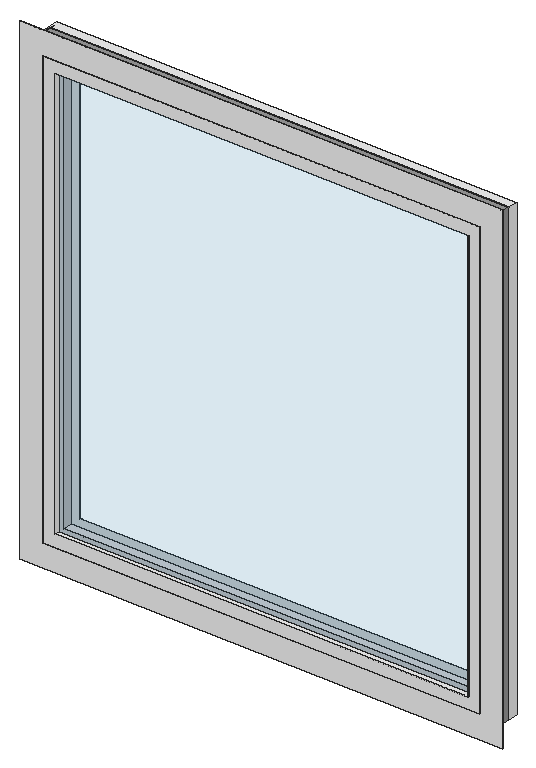
Revit family "Edge_TB42_D_Top_Hung_Custom", category Windows, host Wall, Revit 2014
Parameters (values of type "Casement_Sash_DG")
  Width Sash [instance] = 30 mm
  Width Sash Inner = 15 mm
  Width Bead = 15 mm
  Top Hung [instance] = yes
  Thermal Break Material = Rubber, Black
  Thermal Break Length = 16 mm
  Side Hung Right [instance] = yes
  Side Hung Left [instance] = yes
  Sash Opening Width [instance] = 600 mm
  Sash Opening Height [instance] = 600 mm
  Sash Lip = 15 mm
  Sash Leg [instance] = (Depth Sash - Thermal Break Length) / 2  # 13 mm
  SG Bead Leg = 6.683 mm
  Glazing Material [instance] = Glass
  Glazing Offset = 5 mm
  DG Start Piece 2 [instance] = DG End Piece 1 + DG Gasket Thickness  # 24.158 mm
  DG Start Peice 1 [instance] = ((Depth Sash - (2 * DG Glazing Thickness) - DG Gasket Thickness) / 2) - (SG Bead Leg - Aluminium Thickness) / 2  # 5.758 mm
  DG Glazing Thickness [instance] = 6.4 mm
  DG Gasket Thickness = 12 mm  # constant formula
  DG Gasket Material [instance] = none
  Depth Sash [instance] = 42 mm
  DG End Piece 2 [instance] = DG Start Piece 2 + DG Glazing Thickness  # 30.558 mm
  DG End Piece 1 [instance] = DG Start Peice 1 + DG Glazing Thickness  # 12.158 mm
  Center Vertical Sash [instance] = Sash Opening Height / 2  # 300 mm
  Center Horizontal Sash [instance] = Sash Opening Width / 2  # 300 mm
  Bottom Hung [instance] = yes
  Bead Offset = 15 mm
  Aluminium Thickness = 1 mm
  Aluminium Material [instance] = White Powder Coated Aluminium
Reference planes
  plane 1 "Center (Front/Back)": y = 0
  plane 2: z = 0
  plane 3 "Center (Left/Right)": x = 0
Forms (mm)
  Sweep 1, solid, material "White Powder Coated Aluminium" <- "Aluminium Material"
    path origin (16.177, 0, 121.331) x (1, 0, 0) y (0, 0, 1)
      loop
        line (0, 0) -> (600, 0) -> (600, 600) -> (0, 600) -> (0, 0)
    profile origin (316.177, 0, 121.331) x (0, 0, 1) y (0, -1, 0)
      loop
        line (0, 0) -> (30, 0) -> (30, 1) -> (15, 1) -> (15, 13) -> (14, 13) -> (14, 1) -> (1, 1) -> (1, 13) -> (0, 13) -> (0, 0)
      loop
        line (15, 42) -> (-15, 42) -> (-15, 41) -> (0, 41) -> (0, 29) -> (1, 29) -> (1, 41) -> (14, 41) -> (14, 29) -> (15, 29) -> (15, 42)
  Sweep 2, solid, material "White Powder Coated Aluminium" <- "Aluminium Material"
    path origin (0, 0, 0) x (1, 0, 0) y (0, 0, 1)
      loop
        line (31.177, 706.331) -> (31.177, 136.331) -> (601.177, 136.331) -> (601.177, 706.331) -> (31.177, 706.331)
    profile origin (316.177, 0, 706.331) x (0, 0, 1) y (0, -1, 0)
      loop
        line (0, 41) -> (0, 42) -> (-15, 42) -> (-15, 35.317) -> (-14, 35.317) -> (-14, 41) -> (0, 41)
  Extrusion 3, solid, material "Glass" <- "Glazing Material"
    sketch origin (0, 0, 0) x (1, 0, 0) y (0, 0, 1)
      loop
        line (36.177, 701.331) -> (36.177, 141.331) -> (596.177, 141.331) -> (596.177, 701.331) -> (36.177, 701.331)
    from 5.758 <- "DG Start Peice 1" to 12.158 <- "DG End Piece 1"
  Extrusion 4, solid, material "Glass" <- "Glazing Material"
    sketch origin (0, 0, 0) x (1, 0, 0) y (0, 0, 1)
      loop
        line (36.177, 701.331) -> (36.177, 141.331) -> (596.177, 141.331) -> (596.177, 701.331) -> (36.177, 701.331)
    from 30.558 <- "DG End Piece 2" to 24.158 <- "DG Start Piece 2"
  Sweep 5, solid, material <- "DG Gasket Material"
    path origin (0, -12.158, 0) x (1, 0, 0) y (0, 0, 1)
      loop
        line (36.177, 701.331) -> (36.177, 141.331) -> (596.177, 141.331) -> (596.177, 701.331) -> (36.177, 701.331)
    profile origin (316.177, -12.158, 701.331) x (0, 0, 1) y (0, -1, 0)
      loop
        line (0, 0) -> (0, 12) -> (-7.96, 12) -> (-7.96, 0) -> (0, 0)
  Sweep 6, solid, material "Rubber, Black" <- "Thermal Break Material"
    path origin (16.177, -13, 121.331) x (1, 0, 0) y (0, 0, 1)
      loop
        line (-15, 615) -> (-15, -15) -> (615, -15) -> (615, 615) -> (-15, 615)
    profile origin (316.177, -13, 736.331) x (0, 0, 1) y (0, -1, 0)
      loop
        line (-15, 16) -> (-16, 16) -> (-16, 0) -> (-15, 0) -> (-15, 16)
      loop
        line (-29, 16) -> (-30, 16) -> (-30, 0) -> (-29, 0) -> (-29, 16)
Lines and regions (mm)
  model lines
    curve 1: line (1.177, -42, 736.331) -> (31.177, -42, 706.331)
    curve 2: line (601.177, -42, 706.331) -> (631.177, -42, 736.331)
    curve 3: line (601.177, -42, 136.331) -> (631.177, -42, 106.331)
    curve 4: line (1.177, -42, 106.331) -> (31.177, -42, 136.331)
    curve 5: line (631.177, -41, 736.331) -> (616.177, -41, 721.331)
    curve 6: line (1.177, -41, 736.331) -> (16.177, -41, 721.331)
    curve 7: line (1.177, -41, 106.331) -> (16.177, -41, 121.331)
    curve 8: line (631.177, -41, 106.331) -> (616.177, -41, 121.331)
    curve 9: line (616.177, 0, 121.331) -> (586.177, 0, 151.331)
    curve 10: line (46.177, 0, 151.331) -> (16.177, 0, 121.331)
    curve 11: line (616.177, 0, 721.331) -> (586.177, 0, 691.331)
    curve 12: line (46.177, 0, 691.331) -> (16.177, 0, 721.331)
    curve 13: line (31.177, -42, 691.331) -> (46.177, -42, 691.331)
    curve 14: line (586.177, -42, 691.331) -> (601.177, -42, 691.331)
    curve 15: line (586.177, -42, 151.331) -> (601.177, -42, 151.331)
    curve 16: line (31.177, -42, 151.331) -> (46.177, -42, 151.331)
  model lines, style "GenericModelHiddenLines", visible <- "Top Hung"
    curve 17: line (46.386, -30.558, 690.602) -> (316.177, -30.558, 151.331)
    curve 18: line (316.177, -30.558, 151.331) -> (586.177, -30.558, 691.018)
  model lines, style "GenericModelHiddenLines", visible <- "Bottom Hung"
    curve 19: line (46.177, -30.558, 151.331) -> (316.177, -30.558, 691.018)
    curve 20: line (316.177, -30.558, 691.018) -> (586.177, -30.558, 151.331)
  model lines, style "GenericModelHiddenLines", visible <- "Side Hung Left"
    curve 21: line (46.386, -30.558, 690.602) -> (585.24, -30.558, 421.331)
    curve 22: line (585.24, -30.558, 421.331) -> (46.177, -30.558, 151.331)
  model lines, style "GenericModelHiddenLines", visible <- "Side Hung Right"
    curve 23: line (586.177, -30.558, 691.018) -> (46.177, -30.558, 421.331)
    curve 24: line (46.177, -30.558, 421.331) -> (586.177, -30.558, 151.331)
Dimensions and locks
  "Aluminium Thickness": Sweep 1 sketch curve to Sweep 1 sketch curve  (x6)
  "Depth Sash": Sweep 1 sketch curve to Sweep 1 sketch curve
  "Sash Opening Width": Sweep 1 to Sweep 1
  "Sash Opening Height": Sweep 1 to Sweep 1
  "Width Sash": Sweep 1 sketch curve to Sweep 1 sketch curve  (x2)
  "Width Sash Inner": Sweep 1 sketch curve to Sweep 1 sketch curve
  "Sash Lip": Sweep 1 sketch curve to Sweep 1 sketch curve
  "Glazing Offset": Sweep 2 to Extrusion 3 sketch curve  (x3)
  "Glazing Offset": Extrusion 3 sketch curve to Sweep 2
  Sweep 1 to Sweep 1 = 1 mm
  "Width Bead": Sweep 2 sketch curve to Sweep 2 sketch curve
  locked: Sweep 5 sketch curve to Sweep 5 sketch curve at 7.96
  "Center Horizontal Sash": Sweep 1 to curve 18
  "Center Horizontal Sash": Sweep 1 to curve 20
  "Center Vertical Sash": Sweep 1 to curve 22
  "Center Vertical Sash": Sweep 1 to curve 24
  "Sash Leg": Sweep 1 sketch curve to Sweep 1 sketch curve
  "Aluminium Thickness": Sweep 2 sketch curve to Sweep 2 sketch curve  (x2)
  "SG Bead Leg": Sweep 2 sketch curve to Sweep 2 sketch curve
  aligned and locked: level to plane 2
  aligned and locked: Sweep 1 sketch curve to Sweep 1 sketch curve  (x3)
  aligned and locked: Sweep 2 sketch curve to Sweep 1  (x4)
  aligned and locked: Sweep 1 to Sweep 2 sketch curve  (x2)
  aligned and locked: Extrusion 4 sketch curve to Extrusion 3  (x4)
  aligned and locked: Sweep 5 sketch curve to Extrusion 3  (x5)
  aligned and locked: Extrusion 3 to Sweep 5 sketch curve
  aligned and locked: Sweep 6 sketch curve to Sweep 1  (x10)
  aligned and locked: Sweep 1 to Sweep 6 sketch curve  (x2)
Automatic sketch dimensions
  plane 3 "Center (Left/Right)" to Sweep 1 sketch curve = 16.177 mm
  level to Sweep 1 sketch curve = 121.331 mm
  plane 3 "Center (Left/Right)" to Sweep 1 sketch curve = 616.177 mm
  level to Sweep 1 sketch curve = 721.331 mm
  profile plane to Sweep 5 sketch curve = 12 mm
  curve 7 to Sweep 1 = 0 mm  (x4)
  curve 6 to Sweep 1 = 0 mm  (x3)
  Sweep 1 to curve 6 = 0 mm
  curve 5 to Sweep 1 = 0 mm  (x3)
  curve 8 to Sweep 1 = 0 mm  (x4)
  Sweep 1 to curve 5 = 0 mm
  curve 16 to Sweep 2 = 0 mm  (x3)
  curve 13 to Sweep 2 = 0 mm  (x3)
  curve 15 to Sweep 2 = 0 mm
  Sweep 2 to curve 15 = 0 mm  (x2)
  curve 14 to Sweep 2 = 0 mm  (x2)
  Sweep 2 to curve 14 = 0 mm
  curve 1 to Sweep 1 = 0 mm  (x4)
  curve 4 to Sweep 1 = 0 mm  (x4)
  curve 2 to Sweep 1 = 0 mm  (x4)
  curve 3 to Sweep 1 = 0 mm  (x2)
  Sweep 1 to curve 3 = 0 mm  (x2)
  curve 10 to Sweep 1 = 0 mm  (x4)
  curve 12 to Sweep 1 = 0 mm  (x2)
  Sweep 1 to curve 12 = 0 mm  (x2)
  curve 11 to Sweep 1 = 0 mm  (x4)
  curve 9 to Sweep 1 = 0 mm  (x4)
  profile plane to Sweep 1 sketch curve = 0 mm  (x2)
  Sweep 1 sketch curve to plane 1 "Center (Front/Back)" = 0 mm
  Sweep 1 sketch curve to Sweep 1 sketch curve = 13 mm
  Sweep 1 sketch curve to Sweep 1 sketch curve = 12 mm  (x2)
  curve 21 to Extrusion 4 = 10.208 mm
  curve 19 to Extrusion 4 = 10 mm
  curve 23 to Extrusion 4 = 10 mm  (x2)
  curve 22 to Extrusion 4 = 10.937 mm
  curve 20 to Extrusion 4 = 10 mm
  curve 24 to Extrusion 4 = 10 mm
  curve 22 to Extrusion 4 = 10 mm
  curve 18 to Extrusion 4 = 10 mm
  curve 21 to Extrusion 4 = 10.729 mm
  curve 19 to Extrusion 4 = 10.312 mm
  curve 18 to Extrusion 4 = 10.312 mm
